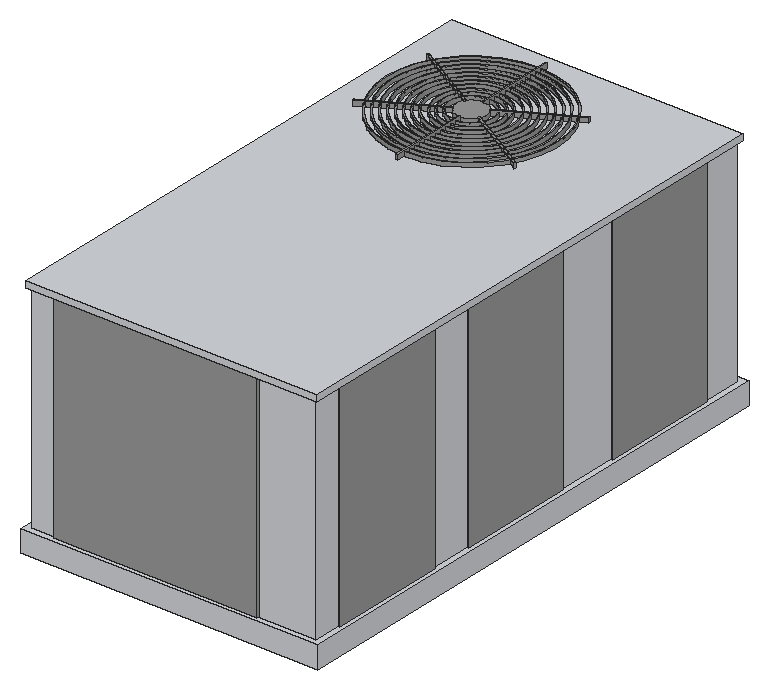
Revit family "RTU-2", category Mechanical Equipment, host Face, Revit 2025 (continued)
Definition of nested family "Family1"
  Automatic sketch dimensions
    Extrusion 18 sketch curve to plane 41 = 0"
    Extrusion 18 sketch curve to plane 42 = 0"  (x2)
    Extrusion 18 sketch curve to plane 41 = 0.18274"
    Extrusion 18 sketch curve to Extrusion 18 sketch curve = 0.06651"  (x2)
    plane 42 to Extrusion 18 sketch curve = 0.45496"
    Extrusion 18 sketch curve to plane 42 = 0.38845"
    Extrusion 18 sketch curve to Extrusion 18 sketch curve = 1.06726"
    Extrusion 18 sketch curve to Extrusion 18 sketch curve = 0"
    Extrusion 19 sketch curve to plane 43 = 0"
    Extrusion 19 sketch curve to plane 44 = 0"  (x2)
    Extrusion 19 sketch curve to plane 43 = 0.18274"
    Extrusion 19 sketch curve to Extrusion 19 sketch curve = 0.06651"  (x2)
    plane 44 to Extrusion 19 sketch curve = 0.45496"
    Extrusion 19 sketch curve to plane 44 = 0.38845"
    Extrusion 19 sketch curve to Extrusion 19 sketch curve = 1.06726"
    Extrusion 19 sketch curve to Extrusion 19 sketch curve = 0"
    Extrusion 20 sketch curve to plane 45 = 0"
    Extrusion 20 sketch curve to plane 46 = 0"  (x2)
    Extrusion 20 sketch curve to plane 45 = 0.18274"
    Extrusion 20 sketch curve to Extrusion 20 sketch curve = 0.06651"  (x2)
    plane 46 to Extrusion 20 sketch curve = 0.45496"
    Extrusion 20 sketch curve to plane 46 = 0.38845"
    Extrusion 20 sketch curve to Extrusion 20 sketch curve = 1.06726"
    Extrusion 20 sketch curve to Extrusion 20 sketch curve = 0"
    Extrusion 21 sketch curve to plane 47 = 0"
    Extrusion 21 sketch curve to plane 48 = 0"  (x2)
    Extrusion 21 sketch curve to plane 47 = 0.18274"
    Extrusion 21 sketch curve to Extrusion 21 sketch curve = 0.06651"  (x2)
    plane 48 to Extrusion 21 sketch curve = 0.45496"
    Extrusion 21 sketch curve to plane 48 = 0.38845"
    Extrusion 21 sketch curve to Extrusion 21 sketch curve = 1.06726"
    Extrusion 21 sketch curve to Extrusion 21 sketch curve = 0"
    Extrusion 22 sketch curve to plane 49 = 0"
    Extrusion 22 sketch curve to plane 50 = 0"  (x2)
    Extrusion 22 sketch curve to plane 49 = 0.18274"
    Extrusion 22 sketch curve to Extrusion 22 sketch curve = 0.06651"  (x2)
    plane 50 to Extrusion 22 sketch curve = 0.45496"
    Extrusion 22 sketch curve to plane 50 = 0.38845"
    Extrusion 22 sketch curve to Extrusion 22 sketch curve = 1.06726"
    Extrusion 22 sketch curve to Extrusion 22 sketch curve = 0"
    Extrusion 23 sketch curve to plane 51 = 0"
    Extrusion 23 sketch curve to plane 52 = 0"  (x2)
    Extrusion 23 sketch curve to plane 51 = 0.18274"
    Extrusion 23 sketch curve to Extrusion 23 sketch curve = 0.06651"  (x2)
    plane 52 to Extrusion 23 sketch curve = 0.45496"
    Extrusion 23 sketch curve to plane 52 = 0.38845"
    Extrusion 23 sketch curve to Extrusion 23 sketch curve = 1.06726"
    Extrusion 23 sketch curve to Extrusion 23 sketch curve = 0"
    Extrusion 24 sketch curve to plane 53 = 0"
    Extrusion 24 sketch curve to plane 54 = 0"  (x2)
    Extrusion 24 sketch curve to plane 53 = 0.18274"
    Extrusion 24 sketch curve to Extrusion 24 sketch curve = 0.06651"  (x2)
    plane 54 to Extrusion 24 sketch curve = 0.45496"
    Extrusion 24 sketch curve to plane 54 = 0.38845"
    Extrusion 24 sketch curve to Extrusion 24 sketch curve = 1.06726"
    Extrusion 24 sketch curve to Extrusion 24 sketch curve = 0"
    Extrusion 25 sketch curve to plane 55 = 0"
    Extrusion 25 sketch curve to plane 56 = 0"  (x2)
    Extrusion 25 sketch curve to plane 55 = 0.18274"
    Extrusion 25 sketch curve to Extrusion 25 sketch curve = 0.06651"  (x2)
    plane 56 to Extrusion 25 sketch curve = 0.45496"
    Extrusion 25 sketch curve to plane 56 = 0.38845"
    Extrusion 25 sketch curve to Extrusion 25 sketch curve = 1.06726"
    Extrusion 25 sketch curve to Extrusion 25 sketch curve = 0"
    Extrusion 26 sketch curve to plane 57 = 0"
    Extrusion 26 sketch curve to plane 58 = 0"  (x2)
    Extrusion 26 sketch curve to plane 57 = 0.18274"
    Extrusion 26 sketch curve to Extrusion 26 sketch curve = 0.06651"  (x2)
    plane 58 to Extrusion 26 sketch curve = 0.45496"
    Extrusion 26 sketch curve to plane 58 = 0.38845"
    Extrusion 26 sketch curve to Extrusion 26 sketch curve = 1.06726"
    Extrusion 26 sketch curve to Extrusion 26 sketch curve = 0"
    Extrusion 27 sketch curve to plane 59 = 0"
    Extrusion 27 sketch curve to plane 60 = 0"  (x2)
    Extrusion 27 sketch curve to plane 59 = 0.18274"
    Extrusion 27 sketch curve to Extrusion 27 sketch curve = 0.06651"  (x2)
    plane 60 to Extrusion 27 sketch curve = 0.45496"
    Extrusion 27 sketch curve to plane 60 = 0.38845"
    Extrusion 27 sketch curve to Extrusion 27 sketch curve = 1.06726"
    Extrusion 27 sketch curve to Extrusion 27 sketch curve = 0"
    Extrusion 28 sketch curve to plane 61 = 0"
    Extrusion 28 sketch curve to plane 62 = 0"  (x2)
    Extrusion 28 sketch curve to plane 61 = 0.18274"
    Extrusion 28 sketch curve to Extrusion 28 sketch curve = 0.06651"  (x2)
    plane 62 to Extrusion 28 sketch curve = 0.45496"
    Extrusion 28 sketch curve to plane 62 = 0.38845"
    Extrusion 28 sketch curve to Extrusion 28 sketch curve = 1.06726"
    Extrusion 28 sketch curve to Extrusion 28 sketch curve = 0"
    Extrusion 29 sketch curve to plane 63 = 0"
    Extrusion 29 sketch curve to plane 64 = 0"  (x2)
    Extrusion 29 sketch curve to plane 63 = 0.18274"
    Extrusion 29 sketch curve to Extrusion 29 sketch curve = 0.06651"  (x2)
    plane 64 to Extrusion 29 sketch curve = 0.45496"
    Extrusion 29 sketch curve to plane 64 = 0.38845"
    Extrusion 29 sketch curve to Extrusion 29 sketch curve = 1.06726"
    Extrusion 29 sketch curve to Extrusion 29 sketch curve = 0"
    Extrusion 30 sketch curve to plane 65 = 0"
    Extrusion 30 sketch curve to plane 66 = 0"  (x2)
    Extrusion 30 sketch curve to plane 65 = 0.18274"
    Extrusion 30 sketch curve to Extrusion 30 sketch curve = 0.06651"  (x2)
    plane 66 to Extrusion 30 sketch curve = 0.45496"
    Extrusion 30 sketch curve to plane 66 = 0.38845"
    Extrusion 30 sketch curve to Extrusion 30 sketch curve = 1.06726"
    Extrusion 30 sketch curve to Extrusion 30 sketch curve = 0"
    Extrusion 31 sketch curve to plane 67 = 0"
    Extrusion 31 sketch curve to plane 68 = 0"  (x2)
    Extrusion 31 sketch curve to plane 67 = 0.18274"
    Extrusion 31 sketch curve to Extrusion 31 sketch curve = 0.06651"  (x2)
    plane 68 to Extrusion 31 sketch curve = 0.45496"
    Extrusion 31 sketch curve to plane 68 = 0.38845"
    Extrusion 31 sketch curve to Extrusion 31 sketch curve = 1.06726"
    Extrusion 31 sketch curve to Extrusion 31 sketch curve = 0"
    Extrusion 32 sketch curve to plane 69 = 0"
    Extrusion 32 sketch curve to plane 70 = 0"  (x2)
    Extrusion 32 sketch curve to plane 69 = 0.18274"
    Extrusion 32 sketch curve to Extrusion 32 sketch curve = 0.06651"  (x2)
    plane 70 to Extrusion 32 sketch curve = 0.45496"
    Extrusion 32 sketch curve to plane 70 = 0.38845"
    Extrusion 32 sketch curve to Extrusion 32 sketch curve = 1.06726"
    Extrusion 32 sketch curve to Extrusion 32 sketch curve = 0"
    Extrusion 33 sketch curve to plane 71 = 0"
    Extrusion 33 sketch curve to plane 72 = 0"  (x2)
    Extrusion 33 sketch curve to plane 71 = 0.18274"
    Extrusion 33 sketch curve to Extrusion 33 sketch curve = 0.06651"  (x2)
    plane 72 to Extrusion 33 sketch curve = 0.45496"
    Extrusion 33 sketch curve to plane 72 = 0.38845"
    Extrusion 33 sketch curve to Extrusion 33 sketch curve = 1.06726"
    Extrusion 33 sketch curve to Extrusion 33 sketch curve = 0"
    Extrusion 34 sketch curve to plane 73 = 0"
    Extrusion 34 sketch curve to plane 74 = 0"  (x2)
    Extrusion 34 sketch curve to plane 73 = 0.18274"
    Extrusion 34 sketch curve to Extrusion 34 sketch curve = 0.06651"  (x2)
    plane 74 to Extrusion 34 sketch curve = 0.45496"
    Extrusion 34 sketch curve to plane 74 = 0.38845"
    Extrusion 34 sketch curve to Extrusion 34 sketch curve = 1.06726"
    Extrusion 34 sketch curve to Extrusion 34 sketch curve = 0"
    Extrusion 35 sketch curve to plane 75 = 0"
    Extrusion 35 sketch curve to plane 76 = 0"  (x2)
    Extrusion 35 sketch curve to plane 75 = 0.18274"
    Extrusion 35 sketch curve to Extrusion 35 sketch curve = 0.06651"  (x2)
    plane 76 to Extrusion 35 sketch curve = 0.45496"
    Extrusion 35 sketch curve to plane 76 = 0.38845"
    Extrusion 35 sketch curve to Extrusion 35 sketch curve = 1.06726"
    Extrusion 35 sketch curve to Extrusion 35 sketch curve = 0"
    Extrusion 36 sketch curve to plane 77 = 0"
    Extrusion 36 sketch curve to plane 78 = 0"  (x2)
    Extrusion 36 sketch curve to plane 77 = 0.18274"
    Extrusion 36 sketch curve to Extrusion 36 sketch curve = 0.06651"  (x2)
    plane 78 to Extrusion 36 sketch curve = 0.45496"
    Extrusion 36 sketch curve to plane 78 = 0.38845"
    Extrusion 36 sketch curve to Extrusion 36 sketch curve = 1.06726"
    Extrusion 36 sketch curve to Extrusion 36 sketch curve = 0"
    Extrusion 37 sketch curve to plane 79 = 0"
    Extrusion 37 sketch curve to plane 80 = 0"  (x2)
    Extrusion 37 sketch curve to plane 79 = 0.18274"
    Extrusion 37 sketch curve to Extrusion 37 sketch curve = 0.06651"  (x2)
    plane 80 to Extrusion 37 sketch curve = 0.45496"
    Extrusion 37 sketch curve to plane 80 = 0.38845"
    Extrusion 37 sketch curve to Extrusion 37 sketch curve = 1.06726"
    Extrusion 37 sketch curve to Extrusion 37 sketch curve = 0"
    Extrusion 38 sketch curve to plane 81 = 0"
    Extrusion 38 sketch curve to plane 82 = 0"  (x2)
    Extrusion 38 sketch curve to plane 81 = 0.18274"
    Extrusion 38 sketch curve to Extrusion 38 sketch curve = 0.06651"  (x2)
    plane 82 to Extrusion 38 sketch curve = 0.45496"
    Extrusion 38 sketch curve to plane 82 = 0.38845"
    Extrusion 38 sketch curve to Extrusion 38 sketch curve = 1.06726"
    Extrusion 38 sketch curve to Extrusion 38 sketch curve = 0"
    Extrusion 39 sketch curve to plane 83 = 0"
    Extrusion 39 sketch curve to plane 84 = 0"  (x2)
    Extrusion 39 sketch curve to plane 83 = 0.18274"
    Extrusion 39 sketch curve to Extrusion 39 sketch curve = 0.06651"  (x2)
    plane 84 to Extrusion 39 sketch curve = 0.45496"
    Extrusion 39 sketch curve to plane 84 = 0.38845"
    Extrusion 39 sketch curve to Extrusion 39 sketch curve = 1.06726"
    Extrusion 39 sketch curve to Extrusion 39 sketch curve = 0"
    Extrusion 40 sketch curve to plane 85 = 0"
    Extrusion 40 sketch curve to plane 86 = 0"  (x2)
    Extrusion 40 sketch curve to plane 85 = 0.18274"
    Extrusion 40 sketch curve to Extrusion 40 sketch curve = 0.06651"  (x2)
    plane 86 to Extrusion 40 sketch curve = 0.45496"
    Extrusion 40 sketch curve to plane 86 = 0.38845"
    Extrusion 40 sketch curve to Extrusion 40 sketch curve = 1.06726"
    Extrusion 40 sketch curve to Extrusion 40 sketch curve = 0"
    Extrusion 41 sketch curve to plane 87 = 0"
    Extrusion 41 sketch curve to plane 88 = 0"  (x2)
    Extrusion 41 sketch curve to plane 87 = 0.18274"
    Extrusion 41 sketch curve to Extrusion 41 sketch curve = 0.06651"  (x2)
    plane 88 to Extrusion 41 sketch curve = 0.45496"
    Extrusion 41 sketch curve to plane 88 = 0.38845"
    Extrusion 41 sketch curve to Extrusion 41 sketch curve = 1.06726"
    Extrusion 41 sketch curve to Extrusion 41 sketch curve = 0"
    Extrusion 42 sketch curve to plane 89 = 0"
    Extrusion 42 sketch curve to plane 90 = 0"  (x2)
    Extrusion 42 sketch curve to plane 89 = 0.18274"
    Extrusion 42 sketch curve to Extrusion 42 sketch curve = 0.06651"  (x2)
    plane 90 to Extrusion 42 sketch curve = 0.45496"
    Extrusion 42 sketch curve to plane 90 = 0.38845"
    Extrusion 42 sketch curve to Extrusion 42 sketch curve = 1.06726"
    Extrusion 42 sketch curve to Extrusion 42 sketch curve = 0"
    Extrusion 43 sketch curve to plane 91 = 0"
    Extrusion 43 sketch curve to plane 92 = 0"  (x2)
    Extrusion 43 sketch curve to plane 91 = 0.18274"
    Extrusion 43 sketch curve to Extrusion 43 sketch curve = 0.06651"  (x2)
    plane 92 to Extrusion 43 sketch curve = 0.45496"
    Extrusion 43 sketch curve to plane 92 = 0.38845"
    Extrusion 43 sketch curve to Extrusion 43 sketch curve = 1.06726"
    Extrusion 43 sketch curve to Extrusion 43 sketch curve = 0"
    Extrusion 44 sketch curve to plane 93 = 0"
    Extrusion 44 sketch curve to plane 94 = 0"  (x2)
    Extrusion 44 sketch curve to plane 93 = 0.18274"
    Extrusion 44 sketch curve to Extrusion 44 sketch curve = 0.06651"  (x2)
    plane 94 to Extrusion 44 sketch curve = 0.45496"
    Extrusion 44 sketch curve to plane 94 = 0.38845"
    Extrusion 44 sketch curve to Extrusion 44 sketch curve = 1.06726"
    Extrusion 44 sketch curve to Extrusion 44 sketch curve = 0"
    Extrusion 45 sketch curve to plane 95 = 0"
    Extrusion 45 sketch curve to plane 96 = 0"  (x2)
    Extrusion 45 sketch curve to plane 95 = 0.18274"
    Extrusion 45 sketch curve to Extrusion 45 sketch curve = 0.06651"  (x2)
    plane 96 to Extrusion 45 sketch curve = 0.45496"
    Extrusion 45 sketch curve to plane 96 = 0.38845"
    Extrusion 45 sketch curve to Extrusion 45 sketch curve = 1.06726"
    Extrusion 45 sketch curve to Extrusion 45 sketch curve = 0"
    Extrusion 46 sketch curve to plane 97 = 0"
    Extrusion 46 sketch curve to plane 98 = 0"  (x2)
    Extrusion 46 sketch curve to plane 97 = 0.18274"
    Extrusion 46 sketch curve to Extrusion 46 sketch curve = 0.06651"  (x2)
    plane 98 to Extrusion 46 sketch curve = 0.45496"
    Extrusion 46 sketch curve to plane 98 = 0.38845"
    Extrusion 46 sketch curve to Extrusion 46 sketch curve = 1.06726"
    Extrusion 46 sketch curve to Extrusion 46 sketch curve = 0"
    Extrusion 47 sketch curve to plane 99 = 0"
    Extrusion 47 sketch curve to plane 100 = 0"  (x2)
    Extrusion 47 sketch curve to plane 99 = 0.18274"
    Extrusion 47 sketch curve to Extrusion 47 sketch curve = 0.06651"  (x2)
    plane 100 to Extrusion 47 sketch curve = 0.45496"
    Extrusion 47 sketch curve to plane 100 = 0.38845"
    Extrusion 47 sketch curve to Extrusion 47 sketch curve = 1.06726"
    Extrusion 47 sketch curve to Extrusion 47 sketch curve = 0"
    Extrusion 48 sketch curve to plane 101 = 0"
    Extrusion 48 sketch curve to plane 102 = 0"  (x2)
    Extrusion 48 sketch curve to plane 101 = 0.18274"
    Extrusion 48 sketch curve to Extrusion 48 sketch curve = 0.06651"  (x2)
    plane 102 to Extrusion 48 sketch curve = 0.45496"
    Extrusion 48 sketch curve to plane 102 = 0.38845"
    Extrusion 48 sketch curve to Extrusion 48 sketch curve = 1.06726"
    Extrusion 48 sketch curve to Extrusion 48 sketch curve = 0"
    Extrusion 49 sketch curve to plane 103 = 0"
    Extrusion 49 sketch curve to plane 104 = 0"  (x2)
    Extrusion 49 sketch curve to plane 103 = 0.18274"
    Extrusion 49 sketch curve to Extrusion 49 sketch curve = 0.06651"  (x2)
    plane 104 to Extrusion 49 sketch curve = 0.45496"
    Extrusion 49 sketch curve to plane 104 = 0.38845"
    Extrusion 49 sketch curve to Extrusion 49 sketch curve = 1.06726"
    Extrusion 49 sketch curve to Extrusion 49 sketch curve = 0"
    Extrusion 50 sketch curve to plane 105 = 0"
    Extrusion 50 sketch curve to plane 106 = 0"  (x2)
    Extrusion 50 sketch curve to plane 105 = 0.18274"
    Extrusion 50 sketch curve to Extrusion 50 sketch curve = 0.06651"  (x2)
    plane 106 to Extrusion 50 sketch curve = 0.45496"
    Extrusion 50 sketch curve to plane 106 = 0.38845"
    Extrusion 50 sketch curve to Extrusion 50 sketch curve = 1.06726"
    Extrusion 50 sketch curve to Extrusion 50 sketch curve = 0"
    Extrusion 51 sketch curve to plane 107 = 0"
    Extrusion 51 sketch curve to plane 108 = 0"  (x2)
    Extrusion 51 sketch curve to plane 107 = 0.18274"
    Extrusion 51 sketch curve to Extrusion 51 sketch curve = 0.06651"  (x2)
    plane 108 to Extrusion 51 sketch curve = 0.45496"
    Extrusion 51 sketch curve to plane 108 = 0.38845"
    Extrusion 51 sketch curve to Extrusion 51 sketch curve = 1.06726"
    Extrusion 51 sketch curve to Extrusion 51 sketch curve = 0"
    Extrusion 52 sketch curve to plane 109 = 0"
    Extrusion 52 sketch curve to plane 110 = 0"  (x2)
    Extrusion 52 sketch curve to plane 109 = 0.18274"
    Extrusion 52 sketch curve to Extrusion 52 sketch curve = 0.06651"  (x2)
    plane 110 to Extrusion 52 sketch curve = 0.45496"
    Extrusion 52 sketch curve to plane 110 = 0.38845"
    Extrusion 52 sketch curve to Extrusion 52 sketch curve = 1.06726"
    Extrusion 52 sketch curve to Extrusion 52 sketch curve = 0"
    Extrusion 53 sketch curve to plane 111 = 0"
    Extrusion 53 sketch curve to plane 112 = 0"  (x2)
    Extrusion 53 sketch curve to plane 111 = 0.18274"
    Extrusion 53 sketch curve to Extrusion 53 sketch curve = 0.06651"  (x2)
    plane 112 to Extrusion 53 sketch curve = 0.45496"
    Extrusion 53 sketch curve to plane 112 = 0.38845"
    Extrusion 53 sketch curve to Extrusion 53 sketch curve = 1.06726"
    Extrusion 53 sketch curve to Extrusion 53 sketch curve = 0"
    Extrusion 54 sketch curve to plane 113 = 0"
    Extrusion 54 sketch curve to plane 114 = 0"  (x2)
    Extrusion 54 sketch curve to plane 113 = 0.18274"
    Extrusion 54 sketch curve to Extrusion 54 sketch curve = 0.06651"  (x2)
    plane 114 to Extrusion 54 sketch curve = 0.45496"
    Extrusion 54 sketch curve to plane 114 = 0.38845"
    Extrusion 54 sketch curve to Extrusion 54 sketch curve = 1.06726"
    Extrusion 54 sketch curve to Extrusion 54 sketch curve = 0"
    Extrusion 55 sketch curve to plane 115 = 0"
    Extrusion 55 sketch curve to plane 116 = 0"  (x2)
    Extrusion 55 sketch curve to plane 115 = 0.18274"
    Extrusion 55 sketch curve to Extrusion 55 sketch curve = 0.06651"  (x2)
    plane 116 to Extrusion 55 sketch curve = 0.45496"
    Extrusion 55 sketch curve to plane 116 = 0.38845"
    Extrusion 55 sketch curve to Extrusion 55 sketch curve = 1.06726"
    Extrusion 55 sketch curve to Extrusion 55 sketch curve = 0"
    Extrusion 56 sketch curve to plane 117 = 0"
    Extrusion 56 sketch curve to plane 118 = 0"  (x2)
    Extrusion 56 sketch curve to plane 117 = 0.18274"
    Extrusion 56 sketch curve to Extrusion 56 sketch curve = 0.06651"  (x2)
    plane 118 to Extrusion 56 sketch curve = 0.45496"
    Extrusion 56 sketch curve to plane 118 = 0.38845"
    Extrusion 56 sketch curve to Extrusion 56 sketch curve = 1.06726"
    Extrusion 56 sketch curve to Extrusion 56 sketch curve = 0"
